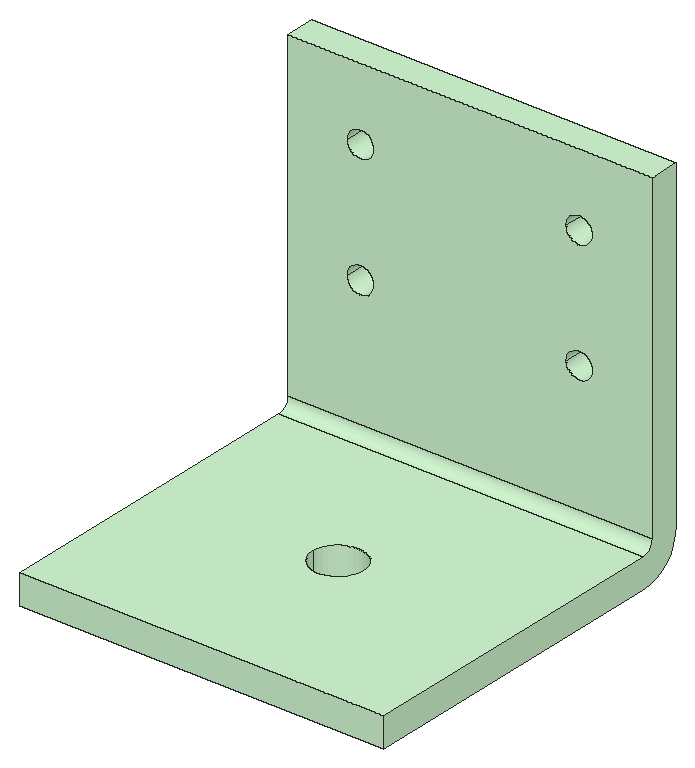
Revit family "L-t6.0×(75×75)×75L", category 機械設備, Revit 2020
Family settings
  丸型コネクタ寸法 = 直径を使用
  種別 = なし
  パーツ タイプ = 標準
  作業面ベース = いいえ
  常に垂直 = はい
  ロード時にボイドで切り取り = いいえ
  共有 = いいえ
  部屋計算ポイント = いいえ
Parameters
  製造元 = "株式会社桐井製作所"
  既定の高さ = 0 mm
  URL = "https://www.kirii.co.jp/"
  K_品名 = "L-t6.0×(75×75)×75L"
  K_名称 = "アングルピース"
  K_バージョン情報 = "20211012"
Reference planes
  plane 1 "中心(正面/背面)": y = 0
  plane 2: z = 0
  plane 3 "中心(左/右)": x = 0
Forms (mm)
  Extrusion 1, solid
    sketch origin (0, 0, 0) x (0, 1, 0) y (0, 0, 1)
      loop
        line (-6, 75) -> (-6, 8.3)
        arc (-6, 8.3) -> (-6.674, 6.674) -> (-8.3, 6) r 2.3
        line (-8.3, 6) -> (-75, 6) -> (-75, 0) -> (-8, 0)
        arc (-8, 0) -> (-2.343, 2.343) -> (0, 8) r 8
        line (0, 8) -> (0, 75) -> (-6, 75)
    from -37.5 to 37.5
  Extrusion 2, void
    sketch origin (0, -15, 0) x (1, 0, 0) y (0, 1, 0)
      loop
        circle (0, -25) r 5.25
    from 0 to 6
  Extrusion 3, void
    sketch origin (0, 0, 0) x (1, 0, 0) y (0, 0, 1)
      loop
        circle (-22.5, 60) r 2.75
      loop
        circle (22.5, 60) r 2.75
      loop
        circle (-22.5, 35) r 2.75
      loop
        circle (22.5, 35) r 2.75
    from 0 to 6
Cuts and joins
  Extrusion 2, Extrusion 3 cuts Extrusion 1
Dimensions and locks
  aligned and locked: level to plane 2
